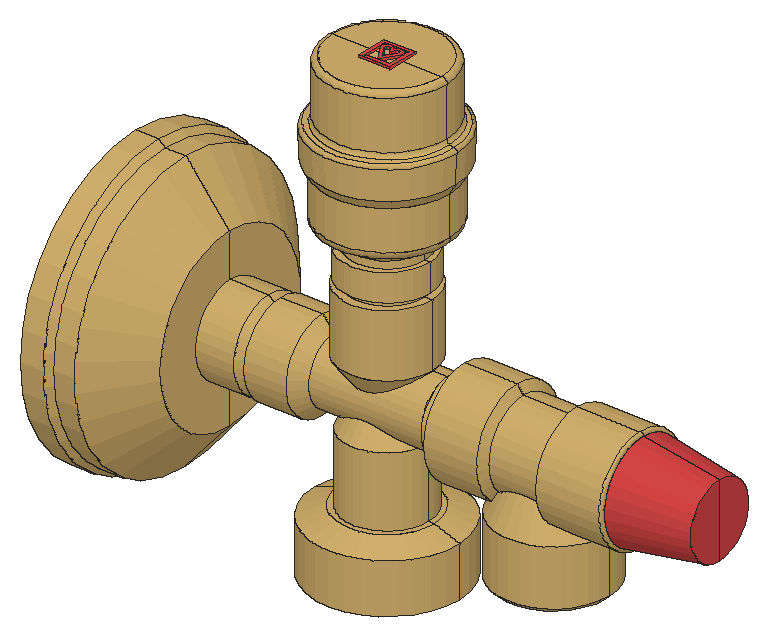
Revit family "Группа безопасности котла 2104", category Rohrzubehör, Revit 2020
Family settings
  Bemaßung runder Anschluss = Durchmesser verwenden
  Teiletyp = Normal
  OmniClass-Nummer = 23.65.55.14
  OmniClass-Titel = Valves for Liquid Services
  Arbeitsebenenbasiert = Nein
  Immer vertikal = Ja
  Beim Laden mit Abzugskörper schneiden = Nein
  Gemeinsam genutzt = Nein
Parameters
  Номер заказа [instance] = if(Nennweite Anschluss = 25.000 mm, 1210415, 0)  # 1210415
  Мин. рабочая температура = -10 °C  # constant formula
  Макс. рабочая температура = 110 °C  # constant formula
  Теплоизоляционный кожух = "EPP"  # constant formula
  Соединительный элемент = "штампованная латунь в соответствии с EN 12165, CW617N"  # constant formula
  Вес = 0.663  # constant formula
  Vorgabe-Ansicht = 0.000 mm
  URL = "www.herz-armaturen.ru"
  Предохранительный клапан = "штампованная латунь в соответствии с EN 12165, CW617N"  # constant formula
  SCRNSEQ = "AWI;AWI_TYP=\"1001\";2"
  SCRNCODE = "02;04;02"  # constant formula
  S08 = 17.700 mm  # constant formula
  S07 = 69.900 mm  # constant formula
  S06 = 42.700 mm  # constant formula
  S05 = 71.000 mm  # constant formula
  S04 = 32.000 mm  # constant formula
  S03 = 45.000 mm  # constant formula
  S02 = L18 + L19  # 95.300 mm
  S01 = 31.800 mm  # constant formula
  R25 = 10.400 mm  # constant formula
  R24 = 13.900 mm  # constant formula
  R23 = 10.400 mm  # constant formula
  R22 = 12.300 mm  # constant formula
  R21 = 14.800 mm  # constant formula
  R20 = 9.300 mm  # constant formula
  R19 = 16.000 mm  # constant formula
  R18 = Nennweite SV / 2  # 10.000 mm
  R17 = 20.800 mm  # constant formula
  R16 = 12.000 mm  # constant formula
  R15 [instance] = Nennweite Anschluss / 2  # 12.500 mm
  R14 = R04  # 10.650 mm
  R13 = 17.900 mm  # constant formula
  R12 = 17.100 mm  # constant formula
  R11 = 12.500 mm  # constant formula
  R10 = R04  # 10.650 mm
  R09 = 13.000 mm  # constant formula
  R08 = R04  # 10.650 mm
  R07 = 9.500 mm  # constant formula
  R06 = 9.300 mm  # constant formula
  R05 = 13.000 mm  # constant formula
  R04 = 21.300 mm / 2  # 10.650 mm
  R03 = 12.700 mm  # constant formula
  R02 = 39.900 mm  # constant formula
  R01 = 41.500 mm  # constant formula
  Nennweite SV = 20.000 mm  # constant formula
  Nennweite Anschluss [instance] = 25.000 mm  # constant formula
  Среда = "Качество теплоносителя в соответствии с ÖNORM H5195 и/или предписаниями VDI-Standard 2035.\nРазрешается использование смеси этилен или пропиленгликоля в соотношении 25-50% с водой. Прокладки EPDM могут быть подвержены воздействию минеральных смазочных масел, что может служить причиной выхода из строя данных уплотнений. Пожалуйста, обратитесь к документации производителя, при использовании этиленгликоля и пропиленгликоля в целях защиты от замерзания."
  Манометр = "0 - 4 бар"  # constant formula
  L19 = 22.000 mm  # constant formula
  L18 = 73.300 mm  # constant formula
  L17 = 95.300 mm  # constant formula
  L16 = 21.400 mm  # constant formula
  L15 = 47.800 mm  # constant formula
  L14 = 31.500 mm  # constant formula
  L13 = 46.500 mm  # constant formula
  L12 = 29.500 mm  # constant formula
  L11 = 31.200 mm  # constant formula
  L10 = 86.000 mm  # constant formula
  L09 = 20.700 mm  # constant formula
  L08 = 37.200 mm  # constant formula
  L07 = 27.700 mm  # constant formula
  L06 = 34.400 mm  # constant formula
  L05 = 19.400 mm  # constant formula
  L04 = 30.600 mm  # constant formula
  L03 = 52.400 mm  # constant formula
  L02 = 27.000 mm  # constant formula
  L01 = 72.000 mm  # constant formula
  Hersteller = "Herz-Armaturen GmbH"  # constant formula
  Воздухоотводчик = "штампованная латунь в соответствии с EN 12165, CW617N"  # constant formula
  Область применения = "Группа безопасности состоит из основных предохранительных элементов, которые используются в системах отопления до 50 кВт (предохранительный клапан, воздухоудалитель, манометр)."
Reference planes
  plane 1 "Mitte (Vorne/hinten)": y = 0
  plane 2: z = 0
  plane 3 "Mitte (Links/rechts)": x = 0
Forms (mm)
  Revolve 1, solid, material "Messing", detail levels fine
    sketch origin (0, 0, 0) x (1, 0, 0) y (0, 0, 1)
      loop
        line (-72, 41.5) -> (-72, 0) -> (-19.6, 0) -> (-19.6, 9.485) -> (-20.765, 10.65) -> (-31.58, 10.65) -> (-33.8, 12.7) -> (-45, 12.7) -> (-45, 25.131) -> (-57.8, 39.9) -> (-63.8, 39.9) -> (-65.4, 41.5) -> (-72, 41.5)
      axis (-72, 0) -> (-19.6, 0)
    angle from 0 to 360
  Revolve 2, solid, material "Messing", detail levels fine
    sketch origin (0, 0, 0) x (1, 0, 0) y (0, 0, 1)
      loop
        line (-30.6, 13) -> (-30.6, 10.465) -> (-29.435, 9.3) -> (-19.4, 9.3) -> (-19.4, 0) -> (34.4, 0) -> (34.4, 9.485) -> (33.235, 10.65) -> (18.4, 10.65) -> (17.42, 9.5) -> (-15.065, 9.5) -> (-18.565, 13) -> (-30.6, 13)
      axis (-30.6, 0) -> (34.4, 0)
    angle from 0 to 360
  Revolve 3, solid, material "Messing", detail levels fine
    sketch origin (0, 0, 0) x (1, 0, 0) y (0, 0, 1)
      loop
        line (0, 0) -> (-6, 0) -> (-12, -9.5) -> (-12, -29.5) -> (-13.65, -29.5) -> (-20.8, -32.25) -> (-20.8, -46.5) -> (-12.5, -46.5) -> (-12.5, -33.02) -> (0, -33.02) -> (0, 0)
      axis (0, 0) -> (0, -46.5)
    angle from 0 to 360
  Revolve 4, solid, material "Messing", detail levels fine
    sketch origin (0, 0, 0) x (1, 0, 0) y (0, 0, 1)
      loop
        line (0, 31.2) -> (0, 86) -> (-15.6, 86)
        arc (-15.6, 86) -> (-16.661, 85.561) -> (-17.1, 84.5) r 1.5
        line (-17.1, 84.5) -> (-17.1, 70.6)
        arc (-17.1, 70.6) -> (-17.278, 69.797) -> (-17.778, 69.145) r 1.899
        line (-17.778, 69.145) -> (-19.197, 68.844)
        arc (-19.197, 68.844) -> (-19.771, 68.418) -> (-19.974, 67.733) r 1.128
        line (-19.974, 67.733) -> (-19.7, 59.5) -> (-17.9, 56.7) -> (-17.9, 45.325)
        arc (-17.9, 45.325) -> (-17.131, 43.469) -> (-15.275, 42.7) r 2.625
        line (-15.275, 42.7) -> (-10.65, 39.2) -> (-10.65, 32.365) -> (-9.485, 31.2) -> (0, 31.2)
      axis (0, 86) -> (0, 31.2)
    angle from 0 to 360
  Revolve 5, solid, material "Messing", detail levels fine
    sketch origin (0, 0, 0) x (1, 0, 0) y (0, 0, 1)
      loop
        line (-12.5, 37.2) -> (-12.5, 29.435) -> (-10.65, 28.7) -> (-10.65, 21.865) -> (-9.485, 20.7) -> (0, 20.7) -> (0, 37.2) -> (-12.5, 37.2)
      axis (0, 37.2) -> (0, 20.7)
    angle from 0 to 360
  Revolve 6, solid, material "Messing", detail levels fine
    sketch origin (0, 0, 0) x (1, 0, 0) y (0, 0, 1)
      loop
        line (-13, 27.7) -> (-13, 9.525) -> (-6, 0) -> (0, 0) -> (0, 27.7) -> (-13, 27.7)
      axis (0, 27.7) -> (0, 0)
    angle from 0 to 360
  Revolve 7, solid, material "Messing", detail levels fine
    sketch origin (0, 0, 0) x (1, 0, 0) y (0, 0, 1)
      loop
        line (21.4, 9.3) -> (36.4, 9.3) -> (36.4, 0) -> (73.278, 0) -> (73.278, 13.893)
        arc (73.278, 13.893) -> (73.1, 14.525) -> (72.504, 14.8) r 0.784
        line (72.504, 14.8) -> (54.504, 14.8) -> (53.049, 12.3) -> (38.855, 12.3) -> (37.4, 14.8) -> (22.295, 14.8) -> (21.4, 13.25) -> (21.4, 9.3)
      axis (21.4, 0) -> (73.278, 0)
    angle from 0 to 360
  Revolve 8, solid, material "Messing", detail levels fine
    sketch origin (0, 0, 0) x (1, 0, 0) y (0, 0, 1)
      loop
        line (47.8, -18.34) -> (47.8, 0) -> (39.55, 0) -> (31.8, -14.5) -> (31.8, -30.5) -> (32.8, -31.5) -> (37.8, -31.5) -> (37.8, -18.34) -> (47.8, -18.34)
      axis (47.8, 0) -> (47.8, -31.5)
    angle from 0 to 360
  Revolve 9, solid, material "Kunststoff - Rot", detail levels fine
    sketch origin (0, 0, 0) x (1, 0, 0) y (0, 0, 1)
      loop
        line (95.278, 0) -> (95.278, 10.4) -> (73.3, 13.9) -> (73.3, 0) -> (95.278, 0)
      axis (73.3, 0) -> (95.278, 0)
    angle from 0 to 360
Lines and regions (mm)
  model lines
    curve 1: line (20.8, 0, -47.5) -> (-20.8, 0, -47.5)
    curve 11: line (95, 0, 10.596) -> (87.287, 0, -10.596)
    curve 12: line (87, 0, 10.596) -> (79.287, 0, -10.596)
    curve 13: line (79, 0, 10.596) -> (71.287, 0, -10.596)
    curve 14: line (71, 0, 10.596) -> (63.287, 0, -10.596)
    curve 15: circle (-45, 0, 0) r 27 normal (0, -1, 0)
    curve 18: line (0, 0, 60.6) -> (0, 0, 87.6)
    curve 24: line (0, -46.5, 0) -> (0, 24.8, 0)
  model lines, detail levels coarse+medium
    curve 2: line (0, 0, -47.5) -> (0, 0, 24.8)
    curve 3: line (-18, 0, 0) -> (21.4, 0, 0)
    curve 4: line (21.4, 0, 14.8) -> (21.4, 0, -14.8)
    curve 5: line (21.4, 0, -14.8) -> (47.8, 0, 0)
    curve 6: line (47.8, 0, 0) -> (21.4, 0, 14.8)
    curve 7: line (47.8, 0, 0) -> (31.8, 0, -31.5)
    curve 8: line (31.8, 0, -31.5) -> (63.8, 0, -31.5)
    curve 9: line (63.8, 0, -31.5) -> (47.8, 0, 0)
    curve 10: line (47.8, 0, 0) -> (95.3, 0, 0)
    curve 16: line (0, 0, 87.6) -> (-17.7, 0, 69.9)
    curve 17: circle (0, 0, 42.7) r 17.9 normal (0, -1, 0)
    curve 19: line (0, 0, 87.6) -> (17.7, 0, 69.9)
    curve 20: line (-60.91, 0, -15.91) -> (-29.09, 0, 15.91)
    curve 21: line (-29.09, 0, 15.91) -> (-29.09, 0, 5.91)
    curve 22: line (-29.09, 0, 15.91) -> (-39.09, 0, 15.91)
    curve 23: line (-20.8, -46.5, 0) -> (20.8, -46.5, 0)
    curve 25: circle (0, 42.7, 0) r 17.9 normal (0, 0, 1)
    curve 26: line (-0.022, 60.6, 0) -> (-0.022, 87.578, 0)
    curve 27: line (-0.022, 87.578, 0) -> (-17.7, 69.9, 0)
    curve 28: line (0.022, 87.578, 0) -> (17.7, 69.9, 0)
    curve 29: circle (-45, 0, 0) r 27 normal (0, 0, 1)
    curve 30: line (-60.91, -15.91, 0) -> (-29.09, 15.91, 0)
    curve 31: line (-29.09, 15.91, 0) -> (-29.09, 5.91, 0)
    curve 32: line (-29.09, 15.91, 0) -> (-39.09, 15.91, 0)
    curve 33: line (-18, 0, 0) -> (20.505, 0, 0)
    curve 34: line (21.4, 14.8, 0) -> (21.4, -14.8, 0)
    curve 35: line (21.4, -14.8, 0) -> (47.8, 0, 0)
    curve 36: line (47.8, 0, 0) -> (21.4, 14.8, 0)
    curve 37: line (47.8, 0, 0) -> (95.3, 0, 0)
    curve 38: line (71, 10.619, 0) -> (63.27, -10.619, 0)
    curve 39: line (79, 10.619, 0) -> (71.27, -10.619, 0)
    curve 40: line (87, 10.619, 0) -> (79.27, -10.619, 0)
    curve 41: line (95, 10.619, 0) -> (87.27, -10.619, 0)
    curve 42: line (47.8, 0, 0) -> (31.8, -31.5, 0)
    curve 43: line (31.8, -31.5, 0) -> (63.8, -31.5, 0)
    curve 44: line (63.8, -31.5, 0) -> (47.8, 0, 0)
Dimensions and locks
  "R01": Revolve 1 sketch curve to Revolve 1 sketch curve
  "L01": plane 3 "Mitte (Links/rechts)" to Revolve 1 sketch curve
  "L02": Revolve 1 sketch curve to Revolve 1 sketch curve
  "R02": Revolve 1 sketch curve to Revolve 1 sketch curve
  "R03": Revolve 1 sketch curve to Revolve 1 sketch curve
  "L03": Revolve 1 sketch curve to Revolve 1 sketch curve
  "R04": Revolve 1 sketch curve to Revolve 1 sketch curve
  "L04": plane 3 "Mitte (Links/rechts)" to Revolve 2 sketch curve
  "R05": Revolve 2 sketch curve to Revolve 2 sketch curve
  "R06": Revolve 2 sketch curve to Revolve 2 sketch curve
  "R07": Revolve 2 sketch curve to Revolve 2 sketch curve
  "R08": Revolve 2 sketch curve to Revolve 2 sketch curve
  "L05": plane 3 "Mitte (Links/rechts)" to Revolve 2 sketch curve
  "L06": Revolve 2 sketch curve to plane 3 "Mitte (Links/rechts)"
  "R09": Revolve 6 sketch curve to Revolve 6 sketch curve
  "L07": Revolve 6 sketch curve to Revolve 6 sketch curve
  "L09": Revolve 5 sketch curve to Revolve 6
  "L08": Revolve 5 sketch curve to Revolve 6
  "R11": Revolve 5 sketch curve to Revolve 5 sketch curve
  "R10": Revolve 5 sketch curve to Revolve 5 sketch curve
  "R12": Revolve 4 sketch curve to Revolve 4 sketch curve
  "R13": Revolve 4 sketch curve to Revolve 4 sketch curve
  "R14": Revolve 4 sketch curve to Revolve 4 sketch curve
  "L11": Revolve 4 sketch curve to Revolve 6
  "L10": Revolve 4 sketch curve to Revolve 6
  "L13": Revolve 3 sketch curve to Revolve 3 sketch curve
  "L12": Revolve 3 sketch curve to Revolve 3 sketch curve
  "R16": Revolve 3 sketch curve to Revolve 3 sketch curve
  "R17": Revolve 3 sketch curve to Revolve 3 sketch curve
  "R15": Revolve 3 sketch curve to Revolve 3 sketch curve
  "R19": Revolve 8 sketch curve to Revolve 8 sketch curve
  "R18": Revolve 8 sketch curve to Revolve 8 sketch curve
  "L14": Revolve 8 sketch curve to Revolve 8 sketch curve
  "L15": Revolve 8 sketch curve to plane 3 "Mitte (Links/rechts)"
  "L16": Revolve 7 sketch curve to plane 3 "Mitte (Links/rechts)"
  "R20": Revolve 7 sketch curve to Revolve 7 sketch curve
  "R21": Revolve 7 sketch curve to Revolve 7 sketch curve  (x2)
  "R22": Revolve 7 sketch curve to Revolve 7 sketch curve
  "R25": Revolve 9 sketch curve to Revolve 9 sketch curve
  "R24": Revolve 9 sketch curve to Revolve 9 sketch curve
  "L19": Revolve 9 sketch curve to Revolve 7
  "L18": plane 3 "Mitte (Links/rechts)" to Revolve 9 sketch curve
  "R17": curve 1 to plane 3 "Mitte (Links/rechts)" to curve 1
  "L13": plane 2 to Revolve 3
  "S06": curve 17 to plane 2
  "S07": curve 16 to plane 2
  "S07": curve 19 to plane 2
  "S08": curve 19 to plane 3 "Mitte (Links/rechts)"
  "S08": plane 3 "Mitte (Links/rechts)" to curve 16
  "S03": plane 3 "Mitte (Links/rechts)" to curve 15
  "L16": curve 4 to plane 3 "Mitte (Links/rechts)"
  "R21": curve 6 to plane 2 to curve 5
  "L15": curve 10 to plane 3 "Mitte (Links/rechts)"
  "L14": plane 2 to curve 8
  "S01": curve 8 to plane 3 "Mitte (Links/rechts)"
  "S04": curve 8 to curve 9
  "S02": curve 10 to plane 3 "Mitte (Links/rechts)"
  equal spacing: curve 14, plane 2, curve 14
  equal spacing: curve 13, plane 2, curve 13
  equal spacing: curve 12, plane 2, curve 12
  equal spacing: curve 11, plane 2, curve 11
  curve 11 to curve 12 = 8.000 mm
  curve 12 to curve 13 = 8.000 mm
  curve 13 to curve 14 = 8.000 mm
  "S05": curve 14 to plane 3 "Mitte (Links/rechts)"
  "S07": plane 1 "Mitte (Vorne/hinten)" to curve 27
  "S08": curve 27 to plane 3 "Mitte (Links/rechts)"
  "S08": plane 3 "Mitte (Links/rechts)" to curve 28
  "S07": plane 1 "Mitte (Vorne/hinten)" to curve 28
  "S06": plane 1 "Mitte (Vorne/hinten)" to curve 25
  "R17": curve 23 to plane 3 "Mitte (Links/rechts)" to curve 23
  "L13": curve 23 to plane 1 "Mitte (Vorne/hinten)"
  "S03": curve 29 to plane 3 "Mitte (Links/rechts)"
  "L16": plane 3 "Mitte (Links/rechts)" to curve 34
  "R21": plane 1 "Mitte (Vorne/hinten)" to curve 36
  "R21": curve 35 to plane 1 "Mitte (Vorne/hinten)"
  "L15": plane 3 "Mitte (Links/rechts)" to curve 36
  "S02": plane 3 "Mitte (Links/rechts)" to curve 37
  equal spacing: curve 38, plane 1 "Mitte (Vorne/hinten)", curve 38
  "S05": plane 3 "Mitte (Links/rechts)" to curve 38
  equal spacing: curve 39, plane 1 "Mitte (Vorne/hinten)", curve 39
  curve 38 to curve 39 = 8.000 mm
  equal spacing: curve 40, plane 1 "Mitte (Vorne/hinten)", curve 40
  curve 40 to curve 39 = 8.000 mm
  curve 41 to curve 40 = 8.000 mm
  equal spacing: curve 41, plane 1 "Mitte (Vorne/hinten)", curve 41
  "L14": curve 43 to plane 1 "Mitte (Vorne/hinten)"
  "S01": plane 3 "Mitte (Links/rechts)" to curve 43
  "S04": curve 43 to curve 44
  "R13": radius of curve 17
  "L02": radius of curve 15
  "R13": radius of curve 25
  "L02": radius of curve 29
  angle curve 16 to curve 18 = 45.00°
  angle plane 3 "Mitte (Links/rechts)" to curve 19 = 45.00°
  angle curve 20 to curve 21 = 45.00°
  angle plane 2 to curve 11 = 70.00°
  angle plane 2 to curve 12 = 70.00°
  angle plane 2 to curve 13 = 70.00°
  angle plane 2 to curve 14 = 70.00°
  angle curve 27 to curve 26 = 45.0005°
  angle curve 26 to curve 28 = 45.0005°
  angle curve 30 to curve 31 = 45.00°
  angle plane 1 "Mitte (Vorne/hinten)" to curve 38 = 70.00°
  angle plane 1 "Mitte (Vorne/hinten)" to curve 39 = 70.00°
  angle plane 1 "Mitte (Vorne/hinten)" to curve 40 = 70.00°
  angle plane 1 "Mitte (Vorne/hinten)" to curve 41 = 70.00°
  aligned and locked: level to plane 2
Automatic sketch dimensions
  curve 17 to plane 3 "Mitte (Links/rechts)" = 0.000 mm
  curve 2 to plane 3 "Mitte (Links/rechts)" = 0.000 mm
  curve 7 to level = 0.000 mm
  curve 15 to level = 0.000 mm
  curve 3 to level = 0.000 mm
  curve 20 to curve 3 = 11.090 mm
  level to curve 22 = 15.910 mm
  curve 22 to curve 20 = 10.000 mm
  curve 1 to curve 7 = 16.000 mm
  curve 24 to plane 3 "Mitte (Links/rechts)" = 0.000 mm
  plane 1 "Mitte (Vorne/hinten)" to curve 33 = 0.000 mm
  plane 1 "Mitte (Vorne/hinten)" to curve 42 = 0.000 mm
  plane 1 "Mitte (Vorne/hinten)" to curve 29 = 0.000 mm
  curve 30 to curve 33 = 11.090 mm
  curve 25 to plane 3 "Mitte (Links/rechts)" = 0.000 mm
  curve 32 to plane 1 "Mitte (Vorne/hinten)" = 15.910 mm
  curve 32 to curve 30 = 10.000 mm
  curve 33 to curve 34 = 0.895 mm
  Revolve 1 sketch curve to level = 0.000 mm  (x2)
  Revolve 1 sketch curve to Revolve 1 sketch curve = 6.600 mm
  Revolve 1 sketch curve to Revolve 1 sketch curve = 1.600 mm
  Revolve 1 sketch curve to Revolve 1 sketch curve = 6.000 mm
  Revolve 1 sketch curve to Revolve 1 sketch curve = 11.200 mm
  Revolve 1 sketch curve to Revolve 1 sketch curve = 2.220 mm
  Revolve 1 sketch curve to Revolve 1 sketch curve = 1.165 mm  (x2)
  Revolve 1 sketch curve to Revolve 1 sketch curve = 12.431 mm
  Revolve 1 sketch curve to Revolve 1 sketch curve = 1279.990 mm
  plane 3 "Mitte (Links/rechts)" to Revolve 1 sketch curve = 1898.983 mm
  Revolve 2 sketch curve to level = 0.000 mm  (x2)
  Revolve 2 sketch curve to Revolve 2 sketch curve = 1.165 mm  (x4)
  Revolve 2 sketch curve to Revolve 2 sketch curve = 0.835 mm
  Revolve 2 sketch curve to Revolve 2 sketch curve = 4.335 mm
  Revolve 2 sketch curve to Revolve 2 sketch curve = 16.980 mm
  Revolve 2 sketch curve to Revolve 2 sketch curve = 0.980 mm
  Revolve 2 sketch curve to Revolve 2 sketch curve = 1321.410 mm
  Revolve 2 sketch curve to Revolve 2 sketch curve = 1864.563 mm
  Revolve 3 sketch curve to level = 0.000 mm
  Revolve 3 sketch curve to plane 3 "Mitte (Links/rechts)" = 0.000 mm  (x2)
  Revolve 3 sketch curve to Revolve 3 sketch curve = 1.650 mm
  Revolve 3 sketch curve to Revolve 3 sketch curve = 6.000 mm
  Revolve 3 sketch curve to Revolve 3 sketch curve = 3.520 mm
  Revolve 3 sketch curve to Revolve 3 sketch curve = 2.750 mm
  Revolve 3 sketch curve to level = 9.500 mm
  Revolve 3 sketch curve to Revolve 3 sketch curve = 319.545 mm
  level to Revolve 3 sketch curve = 2214.315 mm
  Revolve 4 sketch curve to plane 3 "Mitte (Links/rechts)" = 0.000 mm  (x2)
  Revolve 4 sketch curve to Revolve 4 sketch curve = 1.747 mm
  Revolve 4 sketch curve to Revolve 4 sketch curve = 1.899 mm
  Revolve 4 sketch curve to Revolve 4 sketch curve = 0.350 mm
  Revolve 4 sketch curve to Revolve 4 sketch curve = 1.800 mm
  Revolve 4 sketch curve to Revolve 4 sketch curve = 1.128 mm
  Revolve 4 sketch curve to Revolve 4 sketch curve = 1.419 mm
  Revolve 4 sketch curve to Revolve 4 sketch curve = 1.500 mm
  Revolve 4 sketch curve to Revolve 4 sketch curve = 2.625 mm
  Revolve 4 sketch curve to Revolve 4 sketch curve = 1.165 mm  (x2)
  Revolve 4 sketch curve to Revolve 4 sketch curve = 6.835 mm
  Revolve 4 sketch curve to Revolve 4 sketch curve = 3.500 mm
  Revolve 4 sketch curve to Revolve 4 sketch curve = 11.375 mm
  Revolve 4 sketch curve to Revolve 4 sketch curve = 2.800 mm
  Revolve 4 sketch curve to Revolve 4 sketch curve = 8.233 mm
  Revolve 4 sketch curve to Revolve 4 sketch curve = 0.038 mm
  Revolve 4 sketch curve to Revolve 4 sketch curve = 0.302 mm
  Revolve 4 sketch curve to level = 366.045 mm
  Revolve 4 sketch curve to Revolve 4 sketch curve = 2128.315 mm
  Revolve 5 sketch curve to plane 3 "Mitte (Links/rechts)" = 0.000 mm  (x2)
  Revolve 5 sketch curve to Revolve 5 sketch curve = 1.165 mm  (x2)
  Revolve 5 sketch curve to Revolve 5 sketch curve = 6.835 mm
  Revolve 5 sketch curve to Revolve 5 sketch curve = 0.735 mm
  Revolve 5 sketch curve to level = 366.045 mm
  Revolve 5 sketch curve to Revolve 5 sketch curve = 2177.115 mm
  Revolve 6 sketch curve to level = 0.000 mm
  Revolve 6 sketch curve to plane 3 "Mitte (Links/rechts)" = 0.000 mm  (x2)
  Revolve 6 sketch curve to plane 3 "Mitte (Links/rechts)" = 6.000 mm
  level to Revolve 6 sketch curve = 9.525 mm
  Revolve 6 sketch curve to level = 366.045 mm
  Revolve 6 sketch curve to Revolve 6 sketch curve = 2186.615 mm
  Revolve 7 sketch curve to level = 0.000 mm  (x2)
  Revolve 7 sketch curve to Revolve 7 sketch curve = 0.895 mm
  Revolve 7 sketch curve to Revolve 7 sketch curve = 15.000 mm
  Revolve 7 sketch curve to Revolve 7 sketch curve = 1.000 mm
  Revolve 7 sketch curve to Revolve 7 sketch curve = 1.455 mm  (x2)
  Revolve 7 sketch curve to Revolve 7 sketch curve = 14.194 mm
  Revolve 7 sketch curve to Revolve 7 sketch curve = 18.000 mm
  Revolve 7 sketch curve to Revolve 7 sketch curve = 0.774 mm
  Revolve 7 sketch curve to Revolve 7 sketch curve = 1.550 mm
  Revolve 7 sketch curve to Revolve 7 sketch curve = 0.907 mm
  Revolve 7 sketch curve to plane 3 "Mitte (Links/rechts)" = 1351.990 mm
  Revolve 7 sketch curve to Revolve 7 sketch curve = 1825.705 mm
  Revolve 8 sketch curve to level = 0.000 mm  (x2)
  Revolve 8 sketch curve to Revolve 8 sketch curve = 0.000 mm  (x2)
  Revolve 8 sketch curve to Revolve 8 sketch curve = 8.250 mm
  Revolve 8 sketch curve to Revolve 8 sketch curve = 1.000 mm  (x2)
  Revolve 8 sketch curve to Revolve 8 sketch curve = 13.160 mm
  Revolve 8 sketch curve to Revolve 8 sketch curve = 3.840 mm
  Revolve 9 sketch curve to level = 0.000 mm  (x2)
  Revolve 9 sketch curve to plane 3 "Mitte (Links/rechts)" = 1351.990 mm
  Revolve 9 sketch curve to Revolve 9 sketch curve = 1803.683 mm
Nested families
  nested 1: "Herz-Logo" at (0, 0, 85), type "Herz-Logo", detail levels fine
Connectors
  piping at (0, 0, -33.02), diameter 25, driven by "Nennweite Anschluss"
    settings: on Revolve 3, index 1, connector inside diameter 609.6 mm, connector length 0.000 mm, flow factor 0, pipe flow 0.0 L/s, pressure drop 0.0 Pa, fitting loss kfactor 0, connector angle 0.00°, fixture units 0, engagement length 0.000 mm, angle of deflection 0.00°, flow configuration 0, flow direction 1, fitting loss method 0, system type 29, joint type 0, gender type 0, connector reference index -1, connector utility 0, adjustable connector no, is connector primary yes, connector description ""
  piping at (47.8, 0, -18.34), diameter 20, driven by "Nennweite SV"
    settings: on Revolve 8, index 2, connector inside diameter 609.6 mm, connector length 0.000 mm, flow factor 0, pipe flow 0.0 L/s, pressure drop 0.0 Pa, fitting loss kfactor 0, connector angle 0.00°, fixture units 0, engagement length 0.000 mm, angle of deflection 0.00°, flow configuration 0, flow direction 2, fitting loss method 0, system type 29, joint type 0, gender type 0, connector reference index -1, connector utility 0, adjustable connector no, is connector primary no, connector description ""
Definition of nested family "Herz-Logo"
  Parameters (values of type "Herz-Logo")
    Default Elevation = 0.000 mm
  Reference planes
    plane 1 "Mitte (Vorne/hinten)": y = 0
    plane 2: z = 0
    plane 3 "Mitte (Links/rechts)": x = 0
  Forms (mm)
    Extrusion 1, solid
      sketch origin (0, 0, 0) x (1, 0, 0) y (0, 1, 0)
        loop
          line (-0.018, -4.517) -> (4.482, -4.517) -> (4.482, 4.483) -> (-4.518, 4.483) -> (-4.518, -4.517) -> (-0.018, -4.517)
        loop
          line (-0.05, -3.48) -> (3.482, -3.48) -> (3.482, 3.483) -> (-3.518, 3.483) -> (-3.518, -3.48) -> (-0.05, -3.48)
        loop
          arc (-0.018, 2.383) -> (-1.543, 3.287) -> (-3.067, 2.383) r 1.738
          arc (-3.067, 2.383) -> (-3.191, 1.899) -> (-3.067, 1.415) r 1.009
          line (-3.067, 1.415) -> (-0.018, -3.281) -> (3.032, 1.415)
          arc (3.032, 1.415) -> (3.156, 1.899) -> (3.032, 2.383) r 1.009
          arc (3.032, 2.383) -> (1.507, 3.287) -> (-0.018, 2.383) r 1.738
        loop
          arc (1.885, 1.272) -> (2.005, 1.675) -> (1.885, 2.079) r 0.74
          arc (1.885, 2.079) -> (1.265, 2.416) -> (0.644, 2.079) r 0.74
          line (0.644, 2.079) -> (-0.018, 0.97) -> (-0.679, 2.079)
          arc (-0.679, 2.079) -> (-1.3, 2.416) -> (-1.921, 2.079) r 0.74
          arc (-1.921, 2.079) -> (-2.04, 1.675) -> (-1.921, 1.272) r 0.74
          line (-1.921, 1.272) -> (-0.018, -1.658) -> (1.885, 1.272)
      from 0 to 1.5
  Dimensions and locks
    aligned and locked: level to plane 2
